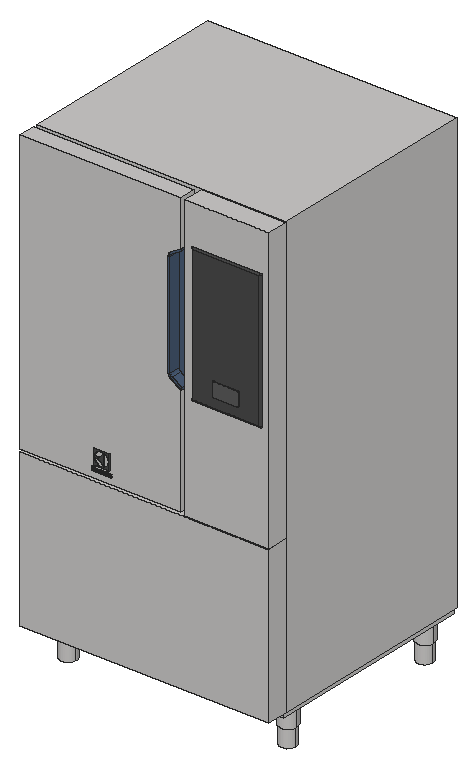
Revit family "QF_ELECTROLUXPROFESSIONAL_727734_EBFA11UE", category Specialty Equipment, Revit 2018 (continued)
Automatic sketch dimensions
  Split face 146 sketch curve to Extrusion 4 = 242.501 mm
  Split face 146 sketch curve to Split face 146 sketch curve = 4.974 mm
  Split face 147 sketch curve to Extrusion 4 = 392.465 mm
  Split face 147 sketch curve to Split face 147 sketch curve = 110.016 mm
  Split face 147 sketch curve to Extrusion 4 = 252.001 mm
  Split face 147 sketch curve to Split face 147 sketch curve = 4.974 mm
  Split face 148 sketch curve to Extrusion 4 = 392.465 mm
  Split face 148 sketch curve to Split face 148 sketch curve = 110.016 mm
  Split face 148 sketch curve to Extrusion 4 = 261.501 mm
  Split face 148 sketch curve to Split face 148 sketch curve = 4.974 mm
  Split face 149 sketch curve to Extrusion 4 = 392.465 mm
  Split face 149 sketch curve to Split face 149 sketch curve = 110.016 mm
  Split face 149 sketch curve to Extrusion 4 = 271.001 mm
  Split face 149 sketch curve to Split face 149 sketch curve = 4.974 mm
  Split face 150 sketch curve to Extrusion 4 = 392.465 mm
  Split face 150 sketch curve to Split face 150 sketch curve = 110.016 mm
  Split face 150 sketch curve to Extrusion 4 = 279.479 mm
  Split face 150 sketch curve to Split face 150 sketch curve = 4.974 mm
  Split face 151 sketch curve to Extrusion 4 = 392.465 mm
  Split face 151 sketch curve to Split face 151 sketch curve = 110.016 mm
  Split face 151 sketch curve to Extrusion 4 = 269.979 mm
  Split face 151 sketch curve to Split face 151 sketch curve = 4.974 mm
  Split face 152 sketch curve to Extrusion 4 = 392.465 mm
  Split face 152 sketch curve to Split face 152 sketch curve = 110.016 mm
  Split face 152 sketch curve to Extrusion 4 = 260.479 mm
  Split face 152 sketch curve to Split face 152 sketch curve = 4.974 mm
  Split face 153 sketch curve to Extrusion 4 = 392.465 mm
  Split face 153 sketch curve to Split face 153 sketch curve = 110.016 mm
  Split face 153 sketch curve to Extrusion 4 = 250.978 mm
  Split face 153 sketch curve to Split face 153 sketch curve = 4.974 mm
  Split face 154 sketch curve to Extrusion 4 = 392.465 mm
  Split face 154 sketch curve to Split face 154 sketch curve = 110.016 mm
  Split face 154 sketch curve to Extrusion 4 = 241.478 mm
  Split face 154 sketch curve to Split face 154 sketch curve = 4.974 mm
  Split face 155 sketch curve to Extrusion 4 = 392.465 mm
  Split face 155 sketch curve to Split face 155 sketch curve = 110.016 mm
  Split face 155 sketch curve to Extrusion 4 = 231.978 mm
  Split face 155 sketch curve to Split face 155 sketch curve = 4.974 mm
  Split face 156 sketch curve to Extrusion 4 = 392.465 mm
  Split face 156 sketch curve to Split face 156 sketch curve = 110.016 mm
  Split face 156 sketch curve to Extrusion 4 = 222.478 mm
  Split face 156 sketch curve to Split face 156 sketch curve = 4.974 mm
  Split face 157 sketch curve to Extrusion 4 = 392.465 mm
  Split face 157 sketch curve to Split face 157 sketch curve = 110.016 mm
  Split face 157 sketch curve to Extrusion 4 = 212.978 mm
  Split face 157 sketch curve to Split face 157 sketch curve = 4.974 mm
  Split face 158 sketch curve to Extrusion 4 = 392.465 mm
  Split face 158 sketch curve to Split face 158 sketch curve = 110.016 mm
  Split face 158 sketch curve to Extrusion 4 = 203.478 mm
  Split face 158 sketch curve to Split face 158 sketch curve = 4.974 mm
  Split face 159 sketch curve to Extrusion 4 = 193.978 mm
  Split face 159 sketch curve to Extrusion 4 = 392.465 mm
  Split face 159 sketch curve to Split face 159 sketch curve = 110.016 mm
  Split face 159 sketch curve to Split face 159 sketch curve = 4.974 mm
  Split face 160 sketch curve to Extrusion 4 = 184.478 mm
  Split face 160 sketch curve to Extrusion 4 = 392.465 mm
  Split face 160 sketch curve to Split face 160 sketch curve = 110.016 mm
  Split face 160 sketch curve to Split face 160 sketch curve = 4.974 mm
  Split face 161 sketch curve to Extrusion 4 = 174.978 mm
  Split face 161 sketch curve to Extrusion 4 = 392.465 mm
  Split face 161 sketch curve to Split face 161 sketch curve = 110.016 mm
  Split face 161 sketch curve to Split face 161 sketch curve = 4.974 mm
  Split face 162 sketch curve to Extrusion 4 = 165.478 mm
  Split face 162 sketch curve to Extrusion 4 = 392.465 mm
  Split face 162 sketch curve to Split face 162 sketch curve = 110.016 mm
  Split face 162 sketch curve to Split face 162 sketch curve = 4.974 mm
  Split face 163 sketch curve to Extrusion 4 = 155.978 mm
  Split face 163 sketch curve to Extrusion 4 = 392.465 mm
  Split face 163 sketch curve to Split face 163 sketch curve = 110.016 mm
  Split face 163 sketch curve to Split face 163 sketch curve = 4.974 mm
  Split face 164 sketch curve to Extrusion 4 = 146.478 mm
  Split face 164 sketch curve to Extrusion 4 = 392.465 mm
  Split face 164 sketch curve to Split face 164 sketch curve = 110.016 mm
  Split face 164 sketch curve to Split face 164 sketch curve = 4.974 mm
  Split face 165 sketch curve to Extrusion 4 = 33.499 mm
  Split face 165 sketch curve to Extrusion 4 = 382.543 mm
  Split face 165 sketch curve to Extrusion 4 = 28.525 mm
  Split face 165 sketch curve to Split face 165 sketch curve = 110.016 mm
  Split face 166 sketch curve to Extrusion 4 = 42.999 mm
  Split face 166 sketch curve to Extrusion 4 = 382.543 mm
  Split face 166 sketch curve to Extrusion 4 = 38.025 mm
  Split face 166 sketch curve to Split face 166 sketch curve = 110.016 mm
  Split face 167 sketch curve to Extrusion 4 = 52.499 mm
  Split face 167 sketch curve to Extrusion 4 = 382.543 mm
  Split face 167 sketch curve to Extrusion 4 = 47.525 mm
  Split face 167 sketch curve to Split face 167 sketch curve = 110.016 mm
  Split face 168 sketch curve to Extrusion 4 = 61.999 mm
  Split face 168 sketch curve to Extrusion 4 = 382.543 mm
  Split face 168 sketch curve to Split face 168 sketch curve = 110.016 mm
  Split face 168 sketch curve to Split face 168 sketch curve = 4.974 mm
  Split face 169 sketch curve to Extrusion 4 = 71.499 mm
  Split face 169 sketch curve to Extrusion 4 = 382.543 mm
  Split face 169 sketch curve to Split face 169 sketch curve = 110.016 mm
  Split face 169 sketch curve to Split face 169 sketch curve = 4.974 mm
  Split face 170 sketch curve to Extrusion 4 = 80.999 mm
  Split face 170 sketch curve to Extrusion 4 = 382.543 mm
  Split face 170 sketch curve to Split face 170 sketch curve = 110.016 mm
  Split face 170 sketch curve to Split face 170 sketch curve = 4.974 mm
  Split face 171 sketch curve to Extrusion 4 = 90.499 mm
  Split face 171 sketch curve to Extrusion 4 = 382.543 mm
  Split face 171 sketch curve to Split face 171 sketch curve = 110.016 mm
  Split face 171 sketch curve to Split face 171 sketch curve = 4.974 mm
  Split face 172 sketch curve to Extrusion 4 = 99.999 mm
  Split face 172 sketch curve to Extrusion 4 = 382.543 mm
  Split face 172 sketch curve to Split face 172 sketch curve = 110.016 mm
  Split face 172 sketch curve to Split face 172 sketch curve = 4.974 mm
  Split face 173 sketch curve to Extrusion 4 = 109.499 mm
  Split face 173 sketch curve to Extrusion 4 = 382.543 mm
  Split face 173 sketch curve to Split face 173 sketch curve = 110.016 mm
  Split face 173 sketch curve to Split face 173 sketch curve = 4.974 mm
  Split face 174 sketch curve to Extrusion 4 = 119 mm
  Split face 174 sketch curve to Extrusion 4 = 382.543 mm
  Split face 174 sketch curve to Split face 174 sketch curve = 110.016 mm
  Split face 174 sketch curve to Split face 174 sketch curve = 4.974 mm
  Split face 175 sketch curve to Extrusion 4 = 128.5 mm
  Split face 175 sketch curve to Extrusion 4 = 382.543 mm
  Split face 175 sketch curve to Split face 175 sketch curve = 110.016 mm
  Split face 175 sketch curve to Split face 175 sketch curve = 4.974 mm
  Split face 176 sketch curve to Extrusion 4 = 138 mm
  Split face 176 sketch curve to Extrusion 4 = 382.543 mm
  Split face 176 sketch curve to Split face 176 sketch curve = 110.016 mm
  Split face 176 sketch curve to Split face 176 sketch curve = 4.974 mm
  Split face 177 sketch curve to Extrusion 4 = 147.5 mm
  Split face 177 sketch curve to Extrusion 4 = 382.543 mm
  Split face 177 sketch curve to Split face 177 sketch curve = 110.016 mm
  Split face 177 sketch curve to Split face 177 sketch curve = 4.974 mm
  Split face 178 sketch curve to Extrusion 4 = 157 mm
  Split face 178 sketch curve to Extrusion 4 = 382.543 mm
  Split face 178 sketch curve to Split face 178 sketch curve = 110.016 mm
  Split face 178 sketch curve to Split face 178 sketch curve = 4.974 mm
  Split face 179 sketch curve to Extrusion 4 = 166.5 mm
  Split face 179 sketch curve to Extrusion 4 = 382.543 mm
  Split face 179 sketch curve to Split face 179 sketch curve = 110.016 mm
  Split face 179 sketch curve to Split face 179 sketch curve = 4.974 mm
  Split face 180 sketch curve to Extrusion 4 = 176 mm
  Split face 180 sketch curve to Extrusion 4 = 382.543 mm
  Split face 180 sketch curve to Split face 180 sketch curve = 110.016 mm
  Split face 180 sketch curve to Split face 180 sketch curve = 4.974 mm
  Split face 181 sketch curve to Extrusion 4 = 185.5 mm
  Split face 181 sketch curve to Extrusion 4 = 382.543 mm
  Split face 181 sketch curve to Split face 181 sketch curve = 110.016 mm
  Split face 181 sketch curve to Split face 181 sketch curve = 4.974 mm
  Split face 182 sketch curve to Extrusion 4 = 382.543 mm
  Split face 182 sketch curve to Split face 182 sketch curve = 110.016 mm
  Split face 182 sketch curve to Extrusion 4 = 195 mm
  Split face 182 sketch curve to Split face 182 sketch curve = 4.974 mm
  Split face 183 sketch curve to Extrusion 4 = 382.543 mm
  Split face 183 sketch curve to Split face 183 sketch curve = 110.016 mm
  Split face 183 sketch curve to Extrusion 4 = 204.5 mm
  Split face 183 sketch curve to Split face 183 sketch curve = 4.974 mm
  Split face 184 sketch curve to Extrusion 4 = 382.543 mm
  Split face 184 sketch curve to Split face 184 sketch curve = 110.016 mm
  Split face 184 sketch curve to Extrusion 4 = 214 mm
  Split face 184 sketch curve to Split face 184 sketch curve = 4.974 mm
  Split face 185 sketch curve to Extrusion 4 = 382.543 mm
  Split face 185 sketch curve to Split face 185 sketch curve = 110.016 mm
  Split face 185 sketch curve to Extrusion 4 = 223.5 mm
  Split face 185 sketch curve to Split face 185 sketch curve = 4.974 mm
  Split face 186 sketch curve to Extrusion 4 = 382.543 mm
  Split face 186 sketch curve to Split face 186 sketch curve = 110.016 mm
  Split face 186 sketch curve to Extrusion 4 = 233.001 mm
  Split face 186 sketch curve to Split face 186 sketch curve = 4.974 mm
  Split face 187 sketch curve to Extrusion 4 = 382.543 mm
  Split face 187 sketch curve to Split face 187 sketch curve = 110.016 mm
  Split face 187 sketch curve to Extrusion 4 = 242.501 mm
  Split face 187 sketch curve to Split face 187 sketch curve = 4.974 mm
  Split face 188 sketch curve to Extrusion 4 = 382.543 mm
  Split face 188 sketch curve to Split face 188 sketch curve = 110.016 mm
  Split face 188 sketch curve to Extrusion 4 = 252.001 mm
  Split face 188 sketch curve to Split face 188 sketch curve = 4.974 mm
  Split face 189 sketch curve to Extrusion 4 = 382.543 mm
  Split face 189 sketch curve to Split face 189 sketch curve = 110.016 mm
  Split face 189 sketch curve to Extrusion 4 = 261.501 mm
  Split face 189 sketch curve to Split face 189 sketch curve = 4.974 mm
  Split face 190 sketch curve to Extrusion 4 = 382.543 mm
  Split face 190 sketch curve to Split face 190 sketch curve = 110.016 mm
  Split face 190 sketch curve to Extrusion 4 = 271.001 mm
  Split face 190 sketch curve to Split face 190 sketch curve = 4.974 mm
  Split face 191 sketch curve to Extrusion 4 = 382.543 mm
  Split face 191 sketch curve to Split face 191 sketch curve = 110.016 mm
  Split face 191 sketch curve to Extrusion 4 = 279.479 mm
  Split face 191 sketch curve to Split face 191 sketch curve = 4.974 mm
  Split face 192 sketch curve to Extrusion 4 = 382.543 mm
  Split face 192 sketch curve to Split face 192 sketch curve = 110.016 mm
  Split face 192 sketch curve to Extrusion 4 = 269.979 mm
  Split face 192 sketch curve to Split face 192 sketch curve = 4.974 mm
  Split face 193 sketch curve to Extrusion 4 = 382.543 mm
  Split face 193 sketch curve to Split face 193 sketch curve = 110.016 mm
  Split face 193 sketch curve to Extrusion 4 = 260.479 mm
  Split face 193 sketch curve to Split face 193 sketch curve = 4.974 mm
  Split face 194 sketch curve to Extrusion 4 = 382.543 mm
  Split face 194 sketch curve to Split face 194 sketch curve = 110.016 mm
  Split face 194 sketch curve to Extrusion 4 = 250.978 mm
  Split face 194 sketch curve to Split face 194 sketch curve = 4.974 mm
  Split face 195 sketch curve to Extrusion 4 = 382.543 mm
  Split face 195 sketch curve to Split face 195 sketch curve = 110.016 mm
  Split face 195 sketch curve to Extrusion 4 = 241.478 mm
  Split face 195 sketch curve to Split face 195 sketch curve = 4.974 mm
  Split face 196 sketch curve to Extrusion 4 = 382.543 mm
  Split face 196 sketch curve to Split face 196 sketch curve = 110.016 mm
  Split face 196 sketch curve to Extrusion 4 = 231.978 mm
  Split face 196 sketch curve to Split face 196 sketch curve = 4.974 mm
  Split face 197 sketch curve to Extrusion 4 = 382.543 mm
  Split face 197 sketch curve to Split face 197 sketch curve = 110.016 mm
  Split face 197 sketch curve to Extrusion 4 = 222.478 mm
  Split face 197 sketch curve to Split face 197 sketch curve = 4.974 mm
  Split face 198 sketch curve to Extrusion 4 = 382.543 mm
  Split face 198 sketch curve to Split face 198 sketch curve = 110.016 mm
  Split face 198 sketch curve to Extrusion 4 = 212.978 mm
  Split face 198 sketch curve to Split face 198 sketch curve = 4.974 mm
  Split face 199 sketch curve to Extrusion 4 = 382.543 mm
  Split face 199 sketch curve to Split face 199 sketch curve = 110.016 mm
  Split face 199 sketch curve to Extrusion 4 = 203.478 mm
  Split face 199 sketch curve to Split face 199 sketch curve = 4.974 mm
  Split face 200 sketch curve to Extrusion 4 = 382.543 mm
  Split face 200 sketch curve to Split face 200 sketch curve = 110.016 mm
  Split face 200 sketch curve to Extrusion 4 = 193.978 mm
  Split face 200 sketch curve to Split face 200 sketch curve = 4.974 mm
  Split face 201 sketch curve to Extrusion 4 = 184.478 mm
  Split face 201 sketch curve to Extrusion 4 = 382.543 mm
  Split face 201 sketch curve to Split face 201 sketch curve = 110.016 mm
  Split face 201 sketch curve to Split face 201 sketch curve = 4.974 mm
  Split face 202 sketch curve to Extrusion 4 = 174.978 mm
  Split face 202 sketch curve to Extrusion 4 = 382.543 mm
  Split face 202 sketch curve to Split face 202 sketch curve = 110.016 mm
  Split face 202 sketch curve to Split face 202 sketch curve = 4.974 mm
  Split face 203 sketch curve to Extrusion 4 = 165.478 mm
  Split face 203 sketch curve to Extrusion 4 = 382.543 mm
  Split face 203 sketch curve to Split face 203 sketch curve = 110.016 mm
  Split face 203 sketch curve to Split face 203 sketch curve = 4.974 mm
  Split face 204 sketch curve to Extrusion 4 = 155.978 mm
  Split face 204 sketch curve to Extrusion 4 = 382.543 mm
  Split face 204 sketch curve to Split face 204 sketch curve = 110.016 mm
  Split face 204 sketch curve to Split face 204 sketch curve = 4.974 mm
  Split face 205 sketch curve to Extrusion 4 = 146.478 mm
  Split face 205 sketch curve to Extrusion 4 = 382.543 mm
  Split face 205 sketch curve to Split face 205 sketch curve = 110.016 mm
  Split face 205 sketch curve to Split face 205 sketch curve = 4.974 mm
  Split face 206 sketch curve to Extrusion 4 = 33.499 mm
  Split face 206 sketch curve to Extrusion 4 = 262.552 mm
  Split face 206 sketch curve to Extrusion 4 = 28.525 mm
  Split face 206 sketch curve to Split face 206 sketch curve = 110.016 mm
  Split face 207 sketch curve to Extrusion 4 = 42.999 mm
  Split face 207 sketch curve to Extrusion 4 = 262.552 mm
  Split face 207 sketch curve to Extrusion 4 = 38.025 mm
  Split face 207 sketch curve to Split face 207 sketch curve = 110.016 mm
  Split face 208 sketch curve to Extrusion 4 = 52.499 mm
  Split face 208 sketch curve to Extrusion 4 = 262.552 mm
  Split face 208 sketch curve to Extrusion 4 = 47.525 mm
  Split face 208 sketch curve to Split face 208 sketch curve = 110.016 mm
  Split face 209 sketch curve to Extrusion 4 = 61.999 mm
  Split face 209 sketch curve to Extrusion 4 = 262.552 mm
  Split face 209 sketch curve to Split face 209 sketch curve = 110.016 mm
  Split face 209 sketch curve to Split face 209 sketch curve = 4.974 mm
  Split face 210 sketch curve to Extrusion 4 = 71.499 mm
  Split face 210 sketch curve to Extrusion 4 = 262.552 mm
  Split face 210 sketch curve to Split face 210 sketch curve = 110.016 mm
  Split face 210 sketch curve to Split face 210 sketch curve = 4.974 mm
  Split face 211 sketch curve to Extrusion 4 = 80.999 mm
  Split face 211 sketch curve to Extrusion 4 = 262.552 mm
  Split face 211 sketch curve to Split face 211 sketch curve = 110.016 mm
  Split face 211 sketch curve to Split face 211 sketch curve = 4.974 mm
  Split face 212 sketch curve to Extrusion 4 = 90.499 mm
  Split face 212 sketch curve to Extrusion 4 = 262.552 mm
  Split face 212 sketch curve to Split face 212 sketch curve = 110.016 mm
  Split face 212 sketch curve to Split face 212 sketch curve = 4.974 mm
  Split face 213 sketch curve to Extrusion 4 = 99.999 mm
  Split face 213 sketch curve to Extrusion 4 = 262.552 mm
  Split face 213 sketch curve to Split face 213 sketch curve = 110.016 mm
  Split face 213 sketch curve to Split face 213 sketch curve = 4.974 mm
  Split face 214 sketch curve to Extrusion 4 = 109.499 mm
  Split face 214 sketch curve to Extrusion 4 = 262.552 mm
  Split face 214 sketch curve to Split face 214 sketch curve = 110.016 mm
  Split face 214 sketch curve to Split face 214 sketch curve = 4.974 mm
  Split face 215 sketch curve to Extrusion 4 = 119 mm
  Split face 215 sketch curve to Extrusion 4 = 262.552 mm
  Split face 215 sketch curve to Split face 215 sketch curve = 110.016 mm
  Split face 215 sketch curve to Split face 215 sketch curve = 4.974 mm
  Split face 216 sketch curve to Extrusion 4 = 128.5 mm
  Split face 216 sketch curve to Extrusion 4 = 262.552 mm
  Split face 216 sketch curve to Split face 216 sketch curve = 110.016 mm
  Split face 216 sketch curve to Split face 216 sketch curve = 4.974 mm
  Split face 217 sketch curve to Extrusion 4 = 262.552 mm
  Split face 217 sketch curve to Split face 217 sketch curve = 110.016 mm
  Split face 217 sketch curve to Extrusion 4 = 138 mm
  Split face 217 sketch curve to Split face 217 sketch curve = 4.974 mm
  Split face 218 sketch curve to Extrusion 4 = 262.552 mm
  Split face 218 sketch curve to Split face 218 sketch curve = 110.016 mm
  Split face 218 sketch curve to Extrusion 4 = 147.5 mm
  Split face 218 sketch curve to Split face 218 sketch curve = 4.974 mm
  Split face 219 sketch curve to Extrusion 4 = 262.552 mm
  Split face 219 sketch curve to Split face 219 sketch curve = 110.016 mm
  Split face 219 sketch curve to Extrusion 4 = 157 mm
  Split face 219 sketch curve to Split face 219 sketch curve = 4.974 mm
  Split face 220 sketch curve to Extrusion 4 = 262.552 mm
  Split face 220 sketch curve to Split face 220 sketch curve = 110.016 mm
  Split face 220 sketch curve to Extrusion 4 = 166.5 mm
  Split face 220 sketch curve to Split face 220 sketch curve = 4.974 mm
  Split face 221 sketch curve to Extrusion 4 = 262.552 mm
  Split face 221 sketch curve to Split face 221 sketch curve = 110.016 mm
  Split face 221 sketch curve to Extrusion 4 = 176 mm
  Split face 221 sketch curve to Split face 221 sketch curve = 4.974 mm
  Split face 222 sketch curve to Extrusion 4 = 262.552 mm
  Split face 222 sketch curve to Split face 222 sketch curve = 110.016 mm
  Split face 222 sketch curve to Extrusion 4 = 185.5 mm
  Split face 222 sketch curve to Split face 222 sketch curve = 4.974 mm
  Split face 223 sketch curve to Extrusion 4 = 262.552 mm
  Split face 223 sketch curve to Split face 223 sketch curve = 110.016 mm
  Split face 223 sketch curve to Extrusion 4 = 195 mm
  Split face 223 sketch curve to Split face 223 sketch curve = 4.974 mm
  Split face 224 sketch curve to Extrusion 4 = 262.552 mm
  Split face 224 sketch curve to Split face 224 sketch curve = 110.016 mm
  Split face 224 sketch curve to Extrusion 4 = 204.5 mm
  Split face 224 sketch curve to Split face 224 sketch curve = 4.974 mm
  Split face 225 sketch curve to Extrusion 4 = 262.552 mm
  Split face 225 sketch curve to Split face 225 sketch curve = 110.016 mm
  Split face 225 sketch curve to Extrusion 4 = 214 mm
  Split face 225 sketch curve to Split face 225 sketch curve = 4.974 mm
  Split face 226 sketch curve to Extrusion 4 = 262.552 mm
  Split face 226 sketch curve to Split face 226 sketch curve = 110.016 mm
  Split face 226 sketch curve to Extrusion 4 = 223.5 mm
  Split face 226 sketch curve to Split face 226 sketch curve = 4.974 mm
  Split face 227 sketch curve to Extrusion 4 = 262.552 mm
  Split face 227 sketch curve to Split face 227 sketch curve = 110.016 mm
  Split face 227 sketch curve to Extrusion 4 = 233.001 mm
  Split face 227 sketch curve to Split face 227 sketch curve = 4.974 mm
  Split face 228 sketch curve to Extrusion 4 = 262.552 mm
  Split face 228 sketch curve to Split face 228 sketch curve = 110.016 mm
  Split face 228 sketch curve to Extrusion 4 = 242.501 mm
  Split face 228 sketch curve to Split face 228 sketch curve = 4.974 mm
  Split face 229 sketch curve to Extrusion 4 = 262.552 mm
  Split face 229 sketch curve to Split face 229 sketch curve = 110.016 mm
  Split face 229 sketch curve to Extrusion 4 = 252.001 mm
  Split face 229 sketch curve to Split face 229 sketch curve = 4.974 mm
  Split face 230 sketch curve to Extrusion 4 = 262.552 mm
  Split face 230 sketch curve to Split face 230 sketch curve = 110.016 mm
  Split face 230 sketch curve to Extrusion 4 = 261.501 mm
  Split face 230 sketch curve to Split face 230 sketch curve = 4.974 mm
  Split face 231 sketch curve to Extrusion 4 = 262.552 mm
  Split face 231 sketch curve to Split face 231 sketch curve = 110.016 mm
  Split face 231 sketch curve to Extrusion 4 = 271.001 mm
  Split face 231 sketch curve to Split face 231 sketch curve = 4.974 mm
  Split face 232 sketch curve to Extrusion 4 = 262.552 mm
  Split face 232 sketch curve to Split face 232 sketch curve = 110.016 mm
  Split face 232 sketch curve to Extrusion 4 = 279.479 mm
  Split face 232 sketch curve to Split face 232 sketch curve = 4.974 mm
  Split face 233 sketch curve to Extrusion 4 = 262.552 mm
  Split face 233 sketch curve to Split face 233 sketch curve = 110.016 mm
  Split face 233 sketch curve to Extrusion 4 = 269.979 mm
  Split face 233 sketch curve to Split face 233 sketch curve = 4.974 mm
  Split face 234 sketch curve to Extrusion 4 = 262.552 mm
  Split face 234 sketch curve to Split face 234 sketch curve = 110.016 mm
  Split face 234 sketch curve to Extrusion 4 = 260.479 mm
  Split face 234 sketch curve to Split face 234 sketch curve = 4.974 mm
  Split face 235 sketch curve to Extrusion 4 = 262.552 mm
  Split face 235 sketch curve to Split face 235 sketch curve = 110.016 mm
  Split face 235 sketch curve to Extrusion 4 = 250.978 mm
  Split face 235 sketch curve to Split face 235 sketch curve = 4.974 mm
  Split face 236 sketch curve to Extrusion 4 = 262.552 mm
  Split face 236 sketch curve to Split face 236 sketch curve = 110.016 mm
  Split face 236 sketch curve to Extrusion 4 = 241.478 mm
  Split face 236 sketch curve to Split face 236 sketch curve = 4.974 mm
  Split face 237 sketch curve to Extrusion 4 = 262.552 mm
  Split face 237 sketch curve to Split face 237 sketch curve = 110.016 mm
  Split face 237 sketch curve to Extrusion 4 = 231.978 mm
  Split face 237 sketch curve to Split face 237 sketch curve = 4.974 mm
  Split face 238 sketch curve to Extrusion 4 = 262.552 mm
  Split face 238 sketch curve to Split face 238 sketch curve = 110.016 mm
  Split face 238 sketch curve to Extrusion 4 = 222.478 mm
  Split face 238 sketch curve to Split face 238 sketch curve = 4.974 mm
  Split face 239 sketch curve to Extrusion 4 = 262.552 mm
  Split face 239 sketch curve to Split face 239 sketch curve = 110.016 mm
  Split face 239 sketch curve to Extrusion 4 = 212.978 mm
  Split face 239 sketch curve to Split face 239 sketch curve = 4.974 mm
  Split face 240 sketch curve to Extrusion 4 = 262.552 mm
  Split face 240 sketch curve to Split face 240 sketch curve = 110.016 mm
  Split face 240 sketch curve to Extrusion 4 = 203.478 mm
  Split face 240 sketch curve to Split face 240 sketch curve = 4.974 mm
  Split face 241 sketch curve to Extrusion 4 = 262.552 mm
  Split face 241 sketch curve to Split face 241 sketch curve = 110.016 mm
  Split face 241 sketch curve to Extrusion 4 = 193.978 mm
  Split face 241 sketch curve to Split face 241 sketch curve = 4.974 mm
  Split face 242 sketch curve to Extrusion 4 = 262.552 mm
  Split face 242 sketch curve to Split face 242 sketch curve = 110.016 mm
  Split face 242 sketch curve to Extrusion 4 = 184.478 mm
  Split face 242 sketch curve to Split face 242 sketch curve = 4.974 mm
  Split face 243 sketch curve to Extrusion 4 = 262.552 mm
  Split face 243 sketch curve to Split face 243 sketch curve = 110.016 mm
  Split face 243 sketch curve to Extrusion 4 = 174.978 mm
  Split face 243 sketch curve to Split face 243 sketch curve = 4.974 mm
  Split face 244 sketch curve to Extrusion 4 = 262.552 mm
  Split face 244 sketch curve to Split face 244 sketch curve = 110.016 mm
  Split face 244 sketch curve to Extrusion 4 = 165.478 mm
  Split face 244 sketch curve to Split face 244 sketch curve = 4.974 mm
  Split face 245 sketch curve to Extrusion 4 = 262.552 mm
  Split face 245 sketch curve to Split face 245 sketch curve = 110.016 mm
  Split face 245 sketch curve to Extrusion 4 = 155.978 mm
  Split face 245 sketch curve to Split face 245 sketch curve = 4.974 mm
  Split face 246 sketch curve to Extrusion 4 = 262.552 mm
  Split face 246 sketch curve to Split face 246 sketch curve = 110.016 mm
  Split face 246 sketch curve to Extrusion 4 = 146.478 mm
  Split face 246 sketch curve to Split face 246 sketch curve = 4.974 mm
  Split face 247 sketch curve to Extrusion 4 = 33.499 mm
  Split face 247 sketch curve to Extrusion 4 = 142.561 mm
  Split face 247 sketch curve to Extrusion 4 = 32.544 mm
  Split face 247 sketch curve to Split face 247 sketch curve = 4.974 mm
  Split face 248 sketch curve to Extrusion 4 = 42.999 mm
  Split face 248 sketch curve to Extrusion 4 = 142.561 mm
  Split face 248 sketch curve to Extrusion 4 = 32.544 mm
  Split face 248 sketch curve to Split face 248 sketch curve = 4.974 mm
  Split face 249 sketch curve to Extrusion 4 = 52.499 mm
  Split face 249 sketch curve to Extrusion 4 = 142.561 mm
  Split face 249 sketch curve to Extrusion 4 = 32.544 mm
  Split face 249 sketch curve to Split face 249 sketch curve = 4.974 mm
  Split face 250 sketch curve to Extrusion 4 = 61.999 mm
  Split face 250 sketch curve to Extrusion 4 = 142.561 mm
  Split face 250 sketch curve to Extrusion 4 = 32.544 mm
  Split face 250 sketch curve to Split face 250 sketch curve = 4.974 mm
  Split face 251 sketch curve to Extrusion 4 = 142.561 mm
  Split face 251 sketch curve to Extrusion 4 = 32.544 mm
  Split face 251 sketch curve to Extrusion 4 = 71.499 mm
  Split face 251 sketch curve to Split face 251 sketch curve = 4.974 mm
  Split face 252 sketch curve to Extrusion 4 = 142.561 mm
  Split face 252 sketch curve to Extrusion 4 = 32.544 mm
  Split face 252 sketch curve to Extrusion 4 = 80.999 mm
  Split face 252 sketch curve to Split face 252 sketch curve = 4.974 mm
  Split face 253 sketch curve to Extrusion 4 = 142.561 mm
  Split face 253 sketch curve to Extrusion 4 = 32.544 mm
  Split face 253 sketch curve to Extrusion 4 = 90.499 mm
  Split face 253 sketch curve to Split face 253 sketch curve = 4.974 mm
  Split face 254 sketch curve to Extrusion 4 = 142.561 mm
  Split face 254 sketch curve to Extrusion 4 = 32.544 mm
  Split face 254 sketch curve to Extrusion 4 = 99.999 mm
  Split face 254 sketch curve to Split face 254 sketch curve = 4.974 mm
  Split face 255 sketch curve to Extrusion 4 = 142.561 mm
  Split face 255 sketch curve to Extrusion 4 = 32.544 mm
  Split face 255 sketch curve to Extrusion 4 = 109.499 mm
  Split face 255 sketch curve to Split face 255 sketch curve = 4.974 mm
  Split face 256 sketch curve to Extrusion 4 = 142.561 mm
  Split face 256 sketch curve to Extrusion 4 = 32.544 mm
  Split face 256 sketch curve to Extrusion 4 = 119 mm
  Split face 256 sketch curve to Split face 256 sketch curve = 4.974 mm
  Split face 257 sketch curve to Extrusion 4 = 142.561 mm
  Split face 257 sketch curve to Extrusion 4 = 32.544 mm
  Split face 257 sketch curve to Extrusion 4 = 128.5 mm
  Split face 257 sketch curve to Split face 257 sketch curve = 4.974 mm
  Split face 258 sketch curve to Extrusion 4 = 142.561 mm
  Split face 258 sketch curve to Extrusion 4 = 32.544 mm
  Split face 258 sketch curve to Extrusion 4 = 138 mm
  Split face 258 sketch curve to Split face 258 sketch curve = 4.974 mm
  Split face 259 sketch curve to Extrusion 4 = 142.561 mm
  Split face 259 sketch curve to Extrusion 4 = 32.544 mm
  Split face 259 sketch curve to Extrusion 4 = 147.5 mm
  Split face 259 sketch curve to Split face 259 sketch curve = 4.974 mm
  Split face 260 sketch curve to Extrusion 4 = 142.561 mm
  Split face 260 sketch curve to Extrusion 4 = 32.544 mm
  Split face 260 sketch curve to Extrusion 4 = 157 mm
  Split face 260 sketch curve to Split face 260 sketch curve = 4.974 mm
  Split face 261 sketch curve to Extrusion 4 = 142.561 mm
  Split face 261 sketch curve to Extrusion 4 = 32.544 mm
  Split face 261 sketch curve to Extrusion 4 = 166.5 mm
  Split face 261 sketch curve to Split face 261 sketch curve = 4.974 mm
  Split face 262 sketch curve to Extrusion 4 = 142.561 mm
  Split face 262 sketch curve to Extrusion 4 = 32.544 mm
  Split face 262 sketch curve to Extrusion 4 = 176 mm
  Split face 262 sketch curve to Split face 262 sketch curve = 4.974 mm
  Split face 263 sketch curve to Extrusion 4 = 142.561 mm
  Split face 263 sketch curve to Extrusion 4 = 32.544 mm
  Split face 263 sketch curve to Extrusion 4 = 185.5 mm
  Split face 263 sketch curve to Split face 263 sketch curve = 4.974 mm
  Split face 264 sketch curve to Extrusion 4 = 142.561 mm
  Split face 264 sketch curve to Extrusion 4 = 32.544 mm
  Split face 264 sketch curve to Extrusion 4 = 195 mm
  Split face 264 sketch curve to Split face 264 sketch curve = 4.974 mm
  Split face 265 sketch curve to Extrusion 4 = 142.561 mm
  Split face 265 sketch curve to Extrusion 4 = 32.544 mm
  Split face 265 sketch curve to Extrusion 4 = 204.5 mm
  Split face 265 sketch curve to Split face 265 sketch curve = 4.974 mm
  Split face 266 sketch curve to Extrusion 4 = 142.561 mm
  Split face 266 sketch curve to Extrusion 4 = 32.544 mm
  Split face 266 sketch curve to Extrusion 4 = 214 mm
  Split face 266 sketch curve to Split face 266 sketch curve = 4.974 mm
  Split face 267 sketch curve to Extrusion 4 = 142.561 mm
  Split face 267 sketch curve to Extrusion 4 = 32.544 mm
  Split face 267 sketch curve to Extrusion 4 = 223.5 mm
  Split face 267 sketch curve to Split face 267 sketch curve = 4.974 mm
  Split face 268 sketch curve to Extrusion 4 = 142.561 mm
  Split face 268 sketch curve to Extrusion 4 = 32.544 mm
  Split face 268 sketch curve to Extrusion 4 = 233.001 mm
  Split face 268 sketch curve to Split face 268 sketch curve = 4.974 mm
  Split face 269 sketch curve to Extrusion 4 = 142.561 mm
  Split face 269 sketch curve to Extrusion 4 = 32.544 mm
  Split face 269 sketch curve to Extrusion 4 = 242.501 mm
  Split face 269 sketch curve to Split face 269 sketch curve = 4.974 mm
  Split face 270 sketch curve to Extrusion 4 = 142.561 mm
  Split face 270 sketch curve to Extrusion 4 = 32.544 mm
  Split face 270 sketch curve to Extrusion 4 = 252.001 mm
  Split face 270 sketch curve to Split face 270 sketch curve = 4.974 mm
  Split face 271 sketch curve to Extrusion 4 = 142.561 mm
  Split face 271 sketch curve to Extrusion 4 = 32.544 mm
  Split face 271 sketch curve to Extrusion 4 = 261.501 mm
  Split face 271 sketch curve to Split face 271 sketch curve = 4.974 mm
  Split face 272 sketch curve to Extrusion 4 = 142.561 mm
  Split face 272 sketch curve to Extrusion 4 = 32.544 mm
  Split face 272 sketch curve to Extrusion 4 = 271.001 mm
  Split face 272 sketch curve to Split face 272 sketch curve = 4.974 mm
  Split face 273 sketch curve to Extrusion 4 = 142.561 mm
  Split face 273 sketch curve to Extrusion 4 = 32.544 mm
  Split face 273 sketch curve to Extrusion 4 = 279.479 mm
  Split face 273 sketch curve to Split face 273 sketch curve = 4.974 mm
  Split face 274 sketch curve to Extrusion 4 = 142.561 mm
  Split face 274 sketch curve to Extrusion 4 = 32.544 mm
  Split face 274 sketch curve to Extrusion 4 = 269.979 mm
  Split face 274 sketch curve to Split face 274 sketch curve = 4.974 mm
  Split face 275 sketch curve to Extrusion 4 = 142.561 mm
  Split face 275 sketch curve to Extrusion 4 = 32.544 mm
  Split face 275 sketch curve to Extrusion 4 = 260.479 mm
  Split face 275 sketch curve to Split face 275 sketch curve = 4.974 mm
  Split face 276 sketch curve to Extrusion 4 = 142.561 mm
  Split face 276 sketch curve to Extrusion 4 = 32.544 mm
  Split face 276 sketch curve to Extrusion 4 = 250.978 mm
  Split face 276 sketch curve to Split face 276 sketch curve = 4.974 mm
  Split face 277 sketch curve to Extrusion 4 = 142.561 mm
  Split face 277 sketch curve to Extrusion 4 = 32.544 mm
  Split face 277 sketch curve to Extrusion 4 = 241.478 mm
  Split face 277 sketch curve to Split face 277 sketch curve = 4.974 mm
  Split face 278 sketch curve to Extrusion 4 = 142.561 mm
  Split face 278 sketch curve to Extrusion 4 = 32.544 mm
  Split face 278 sketch curve to Extrusion 4 = 231.978 mm
  Split face 278 sketch curve to Split face 278 sketch curve = 4.974 mm
  Split face 279 sketch curve to Extrusion 4 = 142.561 mm
  Split face 279 sketch curve to Extrusion 4 = 32.544 mm
  Split face 279 sketch curve to Extrusion 4 = 222.478 mm
  Split face 279 sketch curve to Split face 279 sketch curve = 4.974 mm
  Split face 280 sketch curve to Extrusion 4 = 142.561 mm
  Split face 280 sketch curve to Extrusion 4 = 32.544 mm
  Split face 280 sketch curve to Extrusion 4 = 212.978 mm
  Split face 280 sketch curve to Split face 280 sketch curve = 4.974 mm
  Split face 281 sketch curve to Extrusion 4 = 142.561 mm
  Split face 281 sketch curve to Extrusion 4 = 32.544 mm
  Split face 281 sketch curve to Extrusion 4 = 203.478 mm
  Split face 281 sketch curve to Split face 281 sketch curve = 4.974 mm
  Split face 282 sketch curve to Extrusion 4 = 142.561 mm
  Split face 282 sketch curve to Extrusion 4 = 32.544 mm
  Split face 282 sketch curve to Extrusion 4 = 193.978 mm
  Split face 282 sketch curve to Split face 282 sketch curve = 4.974 mm
  Split face 283 sketch curve to Extrusion 4 = 142.561 mm
  Split face 283 sketch curve to Extrusion 4 = 32.544 mm
  Split face 283 sketch curve to Extrusion 4 = 184.478 mm
  Split face 283 sketch curve to Split face 283 sketch curve = 4.974 mm
  Split face 284 sketch curve to Extrusion 4 = 142.561 mm
  Split face 284 sketch curve to Extrusion 4 = 32.544 mm
  Split face 284 sketch curve to Extrusion 4 = 174.978 mm
  Split face 284 sketch curve to Split face 284 sketch curve = 4.974 mm
  Split face 285 sketch curve to Extrusion 4 = 142.561 mm
  Split face 285 sketch curve to Extrusion 4 = 32.544 mm
  Split face 285 sketch curve to Extrusion 4 = 165.478 mm
  Split face 285 sketch curve to Split face 285 sketch curve = 4.974 mm
  Split face 286 sketch curve to Extrusion 4 = 142.561 mm
  Split face 286 sketch curve to Extrusion 4 = 32.544 mm
  Split face 286 sketch curve to Extrusion 4 = 155.978 mm
  Split face 286 sketch curve to Split face 286 sketch curve = 4.974 mm
  Split face 287 sketch curve to Extrusion 4 = 142.561 mm
  Split face 287 sketch curve to Extrusion 4 = 32.544 mm
  Split face 287 sketch curve to Extrusion 4 = 146.478 mm
  Split face 287 sketch curve to Split face 287 sketch curve = 4.974 mm
  Extrusion 14 sketch curve to plane 9 "TOP" = 0 mm
  plane 7 "FRONT" to Extrusion 14 sketch curve = 0 mm
  Extrusion 14 sketch curve to Extrusion 14 sketch curve = 8.487 mm
  Extrusion 14 sketch curve to Extrusion 14 sketch curve = 8.95 mm
  Extrusion 14 sketch curve to Extrusion 14 sketch curve = 10.513 mm
  Extrusion 14 sketch curve to Extrusion 14 sketch curve = 20 mm
  Extrusion 14 sketch curve to Extrusion 14 sketch curve = 35.79 mm
  Extrusion 14 sketch curve to Extrusion 14 sketch curve = 36.253 mm
  Extrusion 14 sketch curve to Extrusion 14 sketch curve = 162.03 mm
  Extrusion 14 sketch curve to Extrusion 14 sketch curve = 24.082 mm
  Extrusion 14 sketch curve to Extrusion 14 sketch curve = 374.913 mm
  Extrusion 14 sketch curve to Extrusion 14 sketch curve = 23.723 mm
  plane 8 to Extrusion 14 sketch curve = 589.524 mm
  Extrusion 15 sketch curve to Extrusion 15 sketch curve = 8.487 mm
  Extrusion 15 sketch curve to Extrusion 15 sketch curve = 8.95 mm
  Extrusion 15 sketch curve to Extrusion 15 sketch curve = 19 mm
  Extrusion 15 sketch curve to Extrusion 15 sketch curve = 11.05 mm
  Extrusion 15 sketch curve to plane 9 "TOP" = 186.112 mm
  Extrusion 15 sketch curve to Extrusion 15 sketch curve = 374.913 mm
  Extrusion 15 sketch curve to Extrusion 15 sketch curve = 36.253 mm
  Extrusion 15 sketch curve to Extrusion 15 sketch curve = 35.79 mm
  Extrusion 15 sketch curve to Extrusion 15 sketch curve = 0 mm  (x3)
  Extrusion 15 sketch curve to Extrusion 15 sketch curve = 24.082 mm
  Extrusion 15 sketch curve to Extrusion 15 sketch curve = 23.723 mm
  Extrusion 16 sketch curve to Extrusion 16 sketch curve = 0 mm  (x7)
  Extrusion 16 sketch curve to Extrusion 16 sketch curve = 2.5 mm  (x2)
  Extrusion 16 sketch curve to Extrusion 16 sketch curve = 7.459 mm
  Extrusion 16 sketch curve to Extrusion 16 sketch curve = 6.917 mm
  Extrusion 16 sketch curve to Extrusion 16 sketch curve = 3.591 mm
  Extrusion 16 sketch curve to Extrusion 16 sketch curve = 3.597 mm
  Extrusion 16 sketch curve to Extrusion 16 sketch curve = 5.583 mm
  Extrusion 16 sketch curve to Extrusion 16 sketch curve = 6.5 mm
  Extrusion 16 sketch curve to plane 9 "TOP" = 162.03 mm
  Extrusion 16 sketch curve to Extrusion 16 sketch curve = 6.143 mm
  Extrusion 16 sketch curve to Extrusion 16 sketch curve = 17.939 mm
  Extrusion 16 sketch curve to Extrusion 16 sketch curve = 374.913 mm
  Extrusion 16 sketch curve to Extrusion 16 sketch curve = 23 mm
  Extrusion 16 sketch curve to Extrusion 16 sketch curve = 6.141 mm
  Extrusion 14 sketch curve to plane 7 "FRONT" = 491.76 mm
  Extrusion 15 sketch curve to plane 7 "FRONT" = 491.76 mm
  Extrusion 16 sketch curve to plane 7 "FRONT" = 539 mm
  Extrusion 16 sketch curve to Extrusion 16 sketch curve = 27.24 mm
  Extrusion 16 sketch curve to Extrusion 16 sketch curve = 28.24 mm
  curve 21 to plane 4 "LEFT" = 0 mm
  curve 19 to plane 4 "LEFT" = 0 mm
  curve 27 to plane 7 "FRONT" = 0 mm
  curve 18 to plane 7 "FRONT" = 0 mm
  plane 7 "FRONT" to curve 23 = 60 mm
  plane 3 "Center Y" to curve 23 = 130.7 mm
  curve 25 to plane 7 "FRONT" = 1 mm
  curve 22 to curve 25 = 2.5 mm
  curve 20 to curve 18 = 14.8 mm
  curve 26 to curve 20 = 21 mm
  curve 20 to curve 18 = 16 mm
  curve 27 to curve 22 = 44.74 mm
  Extrusion 10 sketch curve to plane 7 "FRONT" = 0 mm
  plane 4 "LEFT" to Extrusion 10 sketch curve = 22.511 mm
  plane 10 to Extrusion 10 sketch curve = 2 mm
  plane 3 "Center Y" to Extrusion 10 sketch curve = 130.7 mm
  plane 15 to Extrusion 10 sketch curve = 2.5 mm
  curve 1 to plane 5 "BACK" = 0 mm
  curve 1 to plane 6 "RIGHT" = 0 mm
  curve 13 to plane 7 "FRONT" = 0 mm
  curve 6 to plane 14 = 0 mm
  curve 14 to plane 7 "FRONT" = 0 mm
  curve 17 to plane 7 "FRONT" = 0 mm
  curve 2 to plane 4 "LEFT" = 0 mm
  curve 15 to plane 7 "FRONT" = 0 mm
  curve 11 to plane 7 "FRONT" = 5 mm
  plane 12 to curve 11 = 20 mm
  curve 9 to plane 12 = 6.5 mm
  curve 8 to curve 10 = 21 mm
  curve 6 to plane 12 = 50.859 mm
  curve 6 to curve 6 = 164.232 mm
  plane 3 "Center Y" to curve 12 = 177.5 mm
  plane 10 to curve 17 = 2 mm
  plane 4 "LEFT" to curve 14 = 22.511 mm
  plane 15 to curve 16 = 2.5 mm
  curve 16 to plane 4 "LEFT" = 6 mm
  curve 10 to curve 10 = 29 mm
  plane 7 "FRONT" to curve 14 = 18.608 mm
  curve 13 to curve 11 = 8 mm
  curve 10 to curve 7 = 15.266 mm
  curve 5 to curve 5 = 8.092 mm
  curve 11 to curve 12 = 8 mm
  curve 3 to curve 14 = 14.8 mm
  curve 2 to curve 14 = 57.392 mm
  radius of Extrusion 3 sketch curve = 10.5 mm
  radius of Extrusion 6 sketch curve = 9.5 mm
Nested families
  nested 1: "Foot_Complete" at (-707, -144.149, 0), type "Foot_Complete"
    with H 130 mm
  nested 2: "Foot_Complete" at (84, -144.149, 0), type "Foot_Complete"
    with H 130 mm
  nested 3: "Foot_Complete" at (84, 471.851, 0), type "Foot_Complete"
    with H 130 mm
  nested 4: "Foot_Complete" at (-707, 471.851, 0), type "Foot_Complete"
    with H 130 mm
  nested 5: "ELX_Touch" at (-15, -295.149, 1341.605) x (-1, 0, 0) z (0, -1, 0), type "ELX_Touch"
  nested 6: "ELX_Logo_S_New" at (-465.397, -295.149, 749.524) x (1, 0, 0) z (0, -1, 0), visible <- "Show Logo", type "ELX_Logo_S_New"
    with M QF_Finishes_Black
  nested 7: "ELX_Logo_Symbol" at (-465.397, -295.149, 789.524) x (-1, 0, 0) z (0, -1, 0), visible <- "Show Logo", type "ELX_Logo_Symbol"
    with M QF_Finishes_Black
Connectors
  electrical at (67, 576.851, 593), driven by "Volts"
    settings: on Extrusion 3, index 5, voltage 380 V, apparent load 0 VA, apparent load phase1 0 VA, apparent load phase2 0 VA, apparent load phase3 0 VA, power factor 1, load classification "Altro", number of poles 1, system type 30, power factor state 1, is connector primary yes, connector utility no, sub classification motor no, connector description "Electrical Connection"
  piping at (-359, 149.851, 98.32), diameter 19
    settings: on cut or joined group of Extrusion 1, Extrusion 2, Extrusion 3, Extrusion 5, Extrusion 6, Extrusion 7, Extrusion 13, index 6, connector inside diameter 609.6 mm, connector length 0 mm, flow factor 0, pipe flow 0.0 L/s, pressure drop 0.0 Pa, fitting loss kfactor 0, connector angle 0.00°, fixture units 0, engagement length 0 mm, angle of deflection 0.00°, flow configuration 1, flow direction 2, fitting loss method 0, system type 16, joint type 0, gender type 0, connector reference index -1, connector utility 0, adjustable connector no, is connector primary yes, connector description "Drain"
Definition of nested family "Foot_Complete"
  Parameters
    R = 32 mm
    H = 150 mm
  Reference planes
    plane 1 "Centro (Fronte/Retro)": y = 0
    plane 2: z = 0
    plane 3 "Centro (Sinistra/Destra)": x = 0
    plane 4: z = 150
  Forms (mm)
    Revolve 1, solid
      sketch origin (255.05, 0, 608.09) x (0, 0, 1) y (-1, 0, 0)
        loop
          line (-608.09, 255.05) -> (-608.09, 226.55) -> (-544.09, 226.55) -> (-544.09, 223.05) -> (-458.09, 223.05) -> (-458.09, 255.05) -> (-608.09, 255.05)
        axis (-608.09, 255.05) -> (-458.09, 255.05)
      angle from 0 to 360
  Dimensions and locks
    locked: level to Revolve 1 sketch curve at 64
    "R": Revolve 1 sketch curve to plane 3 "Centro (Sinistra/Destra)"
    "H": plane 4 to level
    aligned and locked: level to plane 2
    aligned and locked: plane 4 to Revolve 1 sketch curve
    aligned and locked: Revolve 1 sketch curve to level
    aligned and locked: plane 3 "Centro (Sinistra/Destra)" to Revolve 1 sketch curve
  Automatic sketch dimensions
    Revolve 1 sketch curve to plane 3 "Centro (Sinistra/Destra)" = 0 mm
    plane 3 "Centro (Sinistra/Destra)" to Revolve 1 sketch curve = 28.5 mm
    Revolve 1 sketch curve to Revolve 1 sketch curve = 50 mm
    Revolve 1 sketch curve to Revolve 1 sketch curve = 20 mm
Definition of nested family "ELX_Touch"
  Parameters
    Default Elevation = 1219.2 mm
  Reference planes
    plane 1 "Centro (Fronte/Retro)": y = 0
    plane 2: z = 0
    plane 3 "Centro (Sinistra/Destra)": x = 0
  Forms (mm)
    Extrusion 1, solid
      sketch origin (0, 0, 0) x (1, 0, 0) y (0, 1, 0)
        loop
          line (-1219.2, 1219.2) -> (-1219.2, -1219.2) -> (1219.2, -1219.2) -> (1219.2, 1219.2) -> (-1219.2, 1219.2)
      from 0 to -304.8
    Extrusion 2, solid
      sketch origin (0, 0, 5) x (1, 0, 0) y (0, 1, 0)
        loop
          line (-47, -160) -> (-47, -202)
          arc (-47, -202) -> (-45.536, -205.535) -> (-42, -207) r 5
          line (-42, -207) -> (42, -207)
          arc (42, -207) -> (45.536, -205.535) -> (47, -202) r 5
          line (47, -202) -> (47, -160)
          arc (47, -160) -> (45.536, -156.465) -> (42, -155) r 5
          line (42, -155) -> (-42, -155)
          arc (-42, -155) -> (-45.536, -156.465) -> (-47, -160) r 5
      from 0 to 2
    Blend 3, solid
      base sketch origin (0, 0, 0) x (1, 0, 0) y (0, 1, 0)
        loop
          line (-127, 244) -> (-127, -244)
          arc (-127, -244) -> (-125.536, -247.536) -> (-122, -249) r 5
          line (-122, -249) -> (122, -249)
          arc (122, -249) -> (125.536, -247.536) -> (127, -244) r 5
          line (127, -244) -> (127, 244)
          arc (127, 244) -> (125.536, 247.536) -> (122, 249) r 5
          line (122, 249) -> (-122, 249)
          arc (-122, 249) -> (-125.536, 247.536) -> (-127, 244) r 5
      top sketch origin (0, 0, 0) x (1, 0, 0) y (0, 1, 0)
        loop
          line (-119, -241) -> (119, -241) -> (119, 241) -> (-119, 241) -> (-119, -241)
      from 0 to 5
  Lines and regions (mm)
    Split face 1
      outline origin (0, 0, 5) x (1, 0, 0) y (0, 1, 0)
        loop
          line (-70.506, 46.167) -> (70.506, 46.167) -> (70.506, 214.829) -> (-70.506, 214.829) -> (-70.506, 46.167)
    Split face 2
      outline origin (0, 0, 5) x (1, 0, 0) y (0, 1, 0)
        loop
          line (-47.467, 50.825) -> (47.467, 50.825) -> (47.467, 210.171) -> (-47.467, 210.171) -> (-47.467, 50.825)
    Split face 3
      outline origin (0, 0, 5) x (1, 0, 0) y (0, 1, 0)
        loop
          line (-70.521, -215.33) -> (70.521, -215.33) -> (70.521, -146.67) -> (-70.521, -146.67) -> (-70.521, -215.33)
    Split face 4
      outline origin (0, 0, 5) x (1, 0, 0) y (0, 1, 0)
        loop
          line (-119, 201.163) -> (-70.506, 201.163)
        loop
          line (70.506, 201.163) -> (119, 201.163)
        loop
          line (70.521, -200.849) -> (119, -200.849)
        loop
          line (-119, -200.849) -> (-70.521, -200.849)
  Dimensions and locks
    aligned and locked: plane 2 to Extrusion 1
    aligned and locked: level to Extrusion 1
Definition of nested family "ELX_Logo_S_New"
  Parameters
    Default Elevation = 0 mm
    M [instance] = none
  Reference planes
    plane 1 "Centro (Fronte/Retro)": y = 0
    plane 2: z = 0
    plane 3 "Centro (Sinistra/Destra)": x = 0
  Forms (mm)
    Extrusion 1, solid
      sketch origin (0, 0, 0) x (1, 0, 0) y (0, 1, 0)
        loop
          line (-1219.2, 1219.2) -> (-1219.2, -1219.2) -> (1219.2, -1219.2) -> (1219.2, 1219.2) -> (-1219.2, 1219.2)
      from 0 to -304.8
    Extrusion 2, solid, material <- "M"
      sketch origin (0, 0, 0) x (1, 0, 0) y (0, 1, 0)
        loop
          spline (-32.537, -4.135) -> (-32.702, -4.128) -> (-32.877, -4.105) -> (-33.059, -4.064) -> (-33.242, -4.002) -> (-33.422, -3.916) -> (-33.593, -3.803) -> (-33.751, -3.66) -> (-33.891, -3.486) -> (-34.008, -3.276) -> (-34.098, -3.029) -> (-34.155, -2.741) -> (-34.176, -2.41)
          line (-34.176, -2.41) -> (-34.176, -0.943) -> (-29.331, -0.943) -> (-29.331, 0.928) -> (-34.176, 0.928) -> (-34.176, 3.652) -> (-29.023, 3.652) -> (-29.023, 5.518) -> (-36.159, 5.518) -> (-36.159, -2.326)
          spline (-36.159, -2.326) -> (-36.142, -2.808) -> (-36.088, -3.263) -> (-35.996, -3.688) -> (-35.867, -4.083) -> (-35.698, -4.445) -> (-35.489, -4.773) -> (-35.239, -5.066) -> (-34.946, -5.322) -> (-34.61, -5.539) -> (-34.23, -5.716) -> (-33.804, -5.851) -> (-33.332, -5.943)
          line (-33.332, -5.943) -> (-32.554, -5.999) -> (-28.885, -5.999) -> (-28.885, -4.135) -> (-32.537, -4.135)
        loop
          line (-27.476, 0.076) -> (-27.476, -6.002) -> (-25.492, -6.002) -> (-25.492, 5.521) -> (-27.476, 5.521) -> (-27.476, 0.076)
        loop
          spline (-15.702, -2.321) -> (-15.689, -1.697) -> (-15.749, -1.094) -> (-15.879, -0.516) -> (-16.078, 0.029) -> (-16.341, 0.538) -> (-16.668, 1.004) -> (-17.055, 1.422) -> (-17.5, 1.786) -> (-17.999, 2.091) -> (-18.552, 2.331) -> (-19.154, 2.5) -> (-19.804, 2.594)
          spline (-19.804, 2.594) -> (-20.422, 2.558) -> (-21.009, 2.453) -> (-21.56, 2.28) -> (-22.072, 2.042) -> (-22.54, 1.743) -> (-22.96, 1.385) -> (-23.327, 0.97) -> (-23.638, 0.502) -> (-23.887, -0.018) -> (-24.07, -0.586) -> (-24.183, -1.2) -> (-24.222, -1.857)
          spline (-24.222, -1.857) -> (-24.184, -2.498) -> (-24.074, -3.097) -> (-23.895, -3.652) -> (-23.651, -4.16) -> (-23.344, -4.618) -> (-22.979, -5.023) -> (-22.559, -5.374) -> (-22.087, -5.667) -> (-21.567, -5.899) -> (-21.003, -6.068) -> (-20.397, -6.172) -> (-19.754, -6.207)
          spline (-19.754, -6.207) -> (-19.44, -6.2) -> (-19.13, -6.176) -> (-18.823, -6.135) -> (-18.52, -6.074) -> (-18.221, -5.993) -> (-17.925, -5.89) -> (-17.634, -5.762) -> (-17.346, -5.609) -> (-17.062, -5.43) -> (-16.782, -5.221) -> (-16.506, -4.983) -> (-16.234, -4.713)
          line (-16.234, -4.713) -> (-17.429, -3.55)
          spline (-17.429, -3.55) -> (-17.587, -3.702) -> (-17.745, -3.841) -> (-17.906, -3.967) -> (-18.07, -4.08) -> (-18.239, -4.181) -> (-18.415, -4.268) -> (-18.599, -4.343) -> (-18.792, -4.404) -> (-18.996, -4.452) -> (-19.213, -4.486) -> (-19.443, -4.506) -> (-19.688, -4.513)
          spline (-19.688, -4.513) -> (-20.047, -4.496) -> (-20.383, -4.443) -> (-20.696, -4.358) -> (-20.984, -4.24) -> (-21.246, -4.092) -> (-21.479, -3.915) -> (-21.683, -3.711) -> (-21.856, -3.48) -> (-21.997, -3.224) -> (-22.104, -2.945) -> (-22.176, -2.643) -> (-22.212, -2.321)
          line (-22.212, -2.321) -> (-15.702, -2.321)
        loop
          spline (-17.695, -0.926) -> (-17.714, -0.681) -> (-17.771, -0.445) -> (-17.861, -0.221) -> (-17.984, -0.01) -> (-18.135, 0.184) -> (-18.314, 0.36) -> (-18.516, 0.516) -> (-18.741, 0.648) -> (-18.984, 0.755) -> (-19.244, 0.834) -> (-19.518, 0.883) -> (-19.804, 0.9)
          spline (-19.804, 0.9) -> (-20.11, 0.884) -> (-20.405, 0.835) -> (-20.686, 0.757) -> (-20.95, 0.652) -> (-21.195, 0.521) -> (-21.419, 0.367) -> (-21.618, 0.192) -> (-21.79, -0.003) -> (-21.934, -0.214) -> (-22.045, -0.439) -> (-22.122, -0.678) -> (-22.162, -0.926)
          line (-22.162, -0.926) -> (-17.695, -0.926)
        loop
          spline (-12.669, -1.807) -> (-12.646, -1.438) -> (-12.58, -1.088) -> (-12.472, -0.759) -> (-12.326, -0.455) -> (-12.145, -0.177) -> (-11.93, 0.072) -> (-11.685, 0.289) -> (-11.412, 0.473) -> (-11.114, 0.62) -> (-10.793, 0.728) -> (-10.453, 0.794) -> (-10.095, 0.817)
          spline (-10.095, 0.817) -> (-9.876, 0.81) -> (-9.665, 0.79) -> (-9.464, 0.756) -> (-9.271, 0.709) -> (-9.086, 0.65) -> (-8.908, 0.578) -> (-8.737, 0.495) -> (-8.572, 0.399) -> (-8.414, 0.292) -> (-8.261, 0.173) -> (-8.113, 0.044) -> (-7.969, -0.096)
          line (-7.969, -0.096) -> (-6.741, 1.183)
          spline (-6.741, 1.183) -> (-6.985, 1.427) -> (-7.237, 1.647) -> (-7.496, 1.843) -> (-7.762, 2.015) -> (-8.034, 2.164) -> (-8.312, 2.291) -> (-8.596, 2.397) -> (-8.886, 2.482) -> (-9.181, 2.546) -> (-9.481, 2.592) -> (-9.786, 2.619) -> (-10.095, 2.627)
          spline (-10.095, 2.627) -> (-10.715, 2.589) -> (-11.308, 2.476) -> (-11.871, 2.294) -> (-12.396, 2.046) -> (-12.88, 1.736) -> (-13.316, 1.369) -> (-13.7, 0.949) -> (-14.026, 0.48) -> (-14.289, -0.035) -> (-14.483, -0.59) -> (-14.604, -1.182) -> (-14.645, -1.807)
          spline (-14.645, -1.807) -> (-14.604, -2.431) -> (-14.483, -3.023) -> (-14.289, -3.578) -> (-14.026, -4.093) -> (-13.7, -4.562) -> (-13.316, -4.983) -> (-12.88, -5.35) -> (-12.396, -5.659) -> (-11.871, -5.907) -> (-11.308, -6.09) -> (-10.715, -6.202) -> (-10.095, -6.24)
          spline (-10.095, -6.24) -> (-9.786, -6.232) -> (-9.481, -6.205) -> (-9.181, -6.16) -> (-8.886, -6.095) -> (-8.596, -6.01) -> (-8.312, -5.904) -> (-8.034, -5.777) -> (-7.762, -5.628) -> (-7.496, -5.456) -> (-7.237, -5.26) -> (-6.985, -5.04) -> (-6.741, -4.796)
          line (-6.741, -4.796) -> (-7.969, -3.517)
          spline (-7.969, -3.517) -> (-8.113, -3.657) -> (-8.261, -3.786) -> (-8.414, -3.905) -> (-8.572, -4.012) -> (-8.737, -4.108) -> (-8.908, -4.192) -> (-9.086, -4.263) -> (-9.271, -4.323) -> (-9.464, -4.369) -> (-9.665, -4.403) -> (-9.876, -4.423) -> (-10.095, -4.43)
          spline (-10.095, -4.43) -> (-10.453, -4.408) -> (-10.793, -4.341) -> (-11.114, -4.233) -> (-11.412, -4.086) -> (-11.685, -3.902) -> (-11.93, -3.685) -> (-12.145, -3.436) -> (-12.326, -3.158) -> (-12.472, -2.854) -> (-12.58, -2.526) -> (-12.646, -2.176) -> (-12.669, -1.807)
        loop
          spline (-1.683, -4.138) -> (-1.858, -4.14) -> (-2.045, -4.127) -> (-2.24, -4.095) -> (-2.438, -4.04) -> (-2.633, -3.959) -> (-2.822, -3.85) -> (-2.998, -3.709) -> (-3.157, -3.533) -> (-3.294, -3.318) -> (-3.404, -3.061) -> (-3.483, -2.76) -> (-3.524, -2.411)
          line (-3.524, -2.411) -> (-3.524, 0.529) -> (-1.72, 0.529) -> (-1.72, 2.331) -> (-3.522, 2.331) -> (-3.522, 5.521) -> (-5.506, 5.521) -> (-5.506, -2.523)
          spline (-5.506, -2.523) -> (-5.463, -2.99) -> (-5.386, -3.429) -> (-5.274, -3.839) -> (-5.126, -4.218) -> (-4.941, -4.564) -> (-4.717, -4.877) -> (-4.455, -5.155) -> (-4.153, -5.396) -> (-3.81, -5.599) -> (-3.425, -5.762) -> (-2.998, -5.884) -> (-2.528, -5.964)
          line (-2.528, -5.964) -> (-1.69, -6.002) -> (-1.683, -4.138)
        loop
          spline (4.991, 2.446) -> (4.648, 2.468) -> (4.318, 2.461) -> (4.001, 2.429) -> (3.699, 2.371) -> (3.413, 2.288) -> (3.142, 2.182) -> (2.89, 2.052) -> (2.655, 1.901) -> (2.439, 1.728) -> (2.244, 1.535) -> (2.069, 1.322) -> (1.917, 1.091)
          line (1.917, 1.091) -> (1.917, 2.33) -> (-0.051, 2.33) -> (-0.051, -6.002) -> (1.917, -6.002) -> (1.917, -1.621)
          spline (1.917, -1.621) -> (1.935, -1.288) -> (1.988, -0.979) -> (2.075, -0.693) -> (2.195, -0.432) -> (2.345, -0.197) -> (2.526, 0.01) -> (2.736, 0.189) -> (2.972, 0.338) -> (3.235, 0.456) -> (3.522, 0.541) -> (3.832, 0.594) -> (4.165, 0.611)
          line (4.165, 0.611) -> (4.991, 0.529) -> (4.991, 2.446)
        loop
          spline (14.388, -1.836) -> (14.347, -1.224) -> (14.226, -0.642) -> (14.031, -0.093) -> (13.768, 0.418) -> (13.441, 0.887) -> (13.057, 1.308) -> (12.621, 1.677) -> (12.137, 1.989) -> (11.612, 2.24) -> (11.051, 2.425) -> (10.459, 2.539) -> (9.842, 2.578)
          spline (9.842, 2.578) -> (9.221, 2.539) -> (8.627, 2.425) -> (8.064, 2.24) -> (7.539, 1.989) -> (7.056, 1.677) -> (6.62, 1.308) -> (6.237, 0.887) -> (5.912, 0.418) -> (5.65, -0.093) -> (5.456, -0.642) -> (5.336, -1.224) -> (5.295, -1.836)
          spline (5.295, -1.836) -> (5.336, -2.447) -> (5.456, -3.029) -> (5.65, -3.578) -> (5.912, -4.089) -> (6.237, -4.558) -> (6.62, -4.979) -> (7.056, -5.348) -> (7.539, -5.66) -> (8.064, -5.911) -> (8.627, -6.096) -> (9.221, -6.211) -> (9.842, -6.25)
          spline (9.842, -6.25) -> (10.459, -6.211) -> (11.051, -6.096) -> (11.612, -5.911) -> (12.137, -5.66) -> (12.621, -5.348) -> (13.057, -4.979) -> (13.441, -4.558) -> (13.768, -4.089) -> (14.031, -3.578) -> (14.226, -3.029) -> (14.347, -2.447) -> (14.388, -1.836)
        loop
          spline (12.42, -1.836) -> (12.397, -1.475) -> (12.33, -1.131) -> (12.222, -0.807) -> (12.075, -0.504) -> (11.893, -0.227) -> (11.677, 0.022) -> (11.431, 0.241) -> (11.157, 0.426) -> (10.859, 0.575) -> (10.538, 0.685) -> (10.198, 0.753) -> (9.842, 0.777)
          spline (9.842, 0.777) -> (9.482, 0.753) -> (9.14, 0.685) -> (8.818, 0.575) -> (8.519, 0.426) -> (8.246, 0.241) -> (8.001, 0.022) -> (7.786, -0.227) -> (7.605, -0.504) -> (7.459, -0.807) -> (7.352, -1.131) -> (7.286, -1.475) -> (7.263, -1.836)
          spline (7.263, -1.836) -> (7.286, -2.196) -> (7.352, -2.54) -> (7.459, -2.865) -> (7.605, -3.167) -> (7.786, -3.444) -> (8.001, -3.694) -> (8.246, -3.912) -> (8.519, -4.098) -> (8.818, -4.247) -> (9.14, -4.357) -> (9.482, -4.425) -> (9.842, -4.448)
          spline (9.842, -4.448) -> (10.198, -4.425) -> (10.538, -4.357) -> (10.859, -4.247) -> (11.157, -4.098) -> (11.431, -3.912) -> (11.677, -3.694) -> (11.893, -3.444) -> (12.075, -3.167) -> (12.222, -2.865) -> (12.33, -2.54) -> (12.397, -2.196) -> (12.42, -1.836)
        loop
          line (15.608, 0.275) -> (15.608, -6.002) -> (17.593, -6.002) -> (17.593, 5.521) -> (15.608, 5.521) -> (15.608, 0.275)
        loop
          line (24.747, 2.33) -> (24.747, -2.513)
          spline (24.747, -2.513) -> (24.731, -2.828) -> (24.685, -3.112) -> (24.61, -3.366) -> (24.507, -3.59) -> (24.38, -3.785) -> (24.229, -3.952) -> (24.056, -4.091) -> (23.863, -4.203) -> (23.652, -4.29) -> (23.425, -4.35) -> (23.183, -4.386) -> (22.928, -4.398)
          spline (22.928, -4.398) -> (22.674, -4.386) -> (22.432, -4.35) -> (22.205, -4.29) -> (21.994, -4.204) -> (21.802, -4.092) -> (21.629, -3.954) -> (21.478, -3.788) -> (21.35, -3.595) -> (21.248, -3.373) -> (21.173, -3.122) -> (21.126, -2.841) -> (21.11, -2.53)
          line (21.11, -2.53) -> (21.11, 2.33) -> (19.11, 2.33) -> (19.11, -2.696)
          spline (19.11, -2.696) -> (19.145, -3.265) -> (19.248, -3.783) -> (19.413, -4.25) -> (19.636, -4.667) -> (19.912, -5.033) -> (20.236, -5.349) -> (20.603, -5.616) -> (21.008, -5.833) -> (21.446, -6.001) -> (21.913, -6.121) -> (22.403, -6.193) -> (22.912, -6.217)
          spline (22.912, -6.217) -> (23.425, -6.193) -> (23.92, -6.12) -> (24.39, -5.998) -> (24.832, -5.828) -> (25.241, -5.607) -> (25.611, -5.337) -> (25.937, -5.016) -> (26.216, -4.645) -> (26.441, -4.222) -> (26.608, -3.749) -> (26.711, -3.223) -> (26.747, -2.646)
          line (26.747, -2.646) -> (26.747, 2.33) -> (24.747, 2.33)
        loop
          line (34.253, -3.337) -> (33.002, -1.588) -> (34.551, 0.523) -> (35.878, 2.33) -> (33.713, 2.33) -> (31.91, -0.166) -> (30.092, 2.33) -> (27.943, 2.33) -> (29.175, 0.645) -> (30.82, -1.604) -> (29.096, -4.004) -> (27.662, -6.002) -> (29.794, -6.002) -> (31.91, -3.059) -> (34.027, -6.002) -> (36.159, -6.002) -> (34.253, -3.337)
      from 0 to 1.644
  Dimensions and locks
    aligned and locked: plane 2 to Extrusion 1
    aligned and locked: level to Extrusion 1
Definition of nested family "ELX_Logo_Symbol"
  Parameters
    Default Elevation = 0 mm
    M [instance] = none
  Reference planes
    plane 1 "Centro (Fronte/Retro)": y = 0
    plane 2: z = 0
    plane 3 "Centro (Sinistra/Destra)": x = 0
